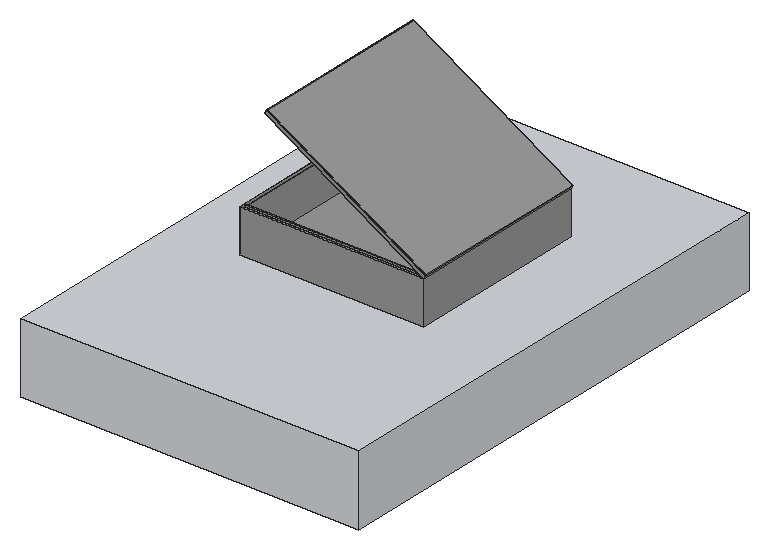
Revit family "Hager-Univers-IP54-D205-H800-Cl.I-Encl-CH-de", category Equipement électrique, Revit 2020
Family settings
  Hôte = Face
  Configuration du panneau = Deux colonnes, circuits au sein
  Cote de connecteur circulaire = Utiliser le diamètre
  Type d'élément = Tableau de raccordement
  Couper avec des vides une fois chargée = Non
  Partagée = Non
  Point de calcul de pièce = Non
Parameters (values of type "Aufputz IP54 B800 H800 T205  - FP53TW2")
  Width Control [instance] = if([EF000008 - Breite] > Min Width, [EF000008 - Breite], Min Width)  # 800 mm
  Commentaires du type = [HG000003 - Bereich]  # "Univers"
  Thickness Door [instance] = if([EF009171 - Materialstärke Tür/Deckel] > 3 mm, 3 mm, [EF009171 - Materialstärke Tür/Deckel])  # 1 mm
  Seal Frame Offset [instance] = 17 mm  # constant formula
  Plinth Visibility [instance] = [HG000027 - Sockelhöhe] > 0 mm  # no
  Model = ""
  Min Width [instance] = 100 mm  # constant formula
  Min Height [instance] = 100 mm  # constant formula
  Min Depth [instance] = (2 * [EF009170 - Materialstärke Gehäuse]) + 1 mm  # 3 mm
  Internal Frame Depth [instance] = (Door System Depth * 0.5)  # 9 mm
  Height Control [instance] = if([EF000040 - Höhe] > Min Height, [EF000040 - Höhe], Min Height)  # 800 mm
  HG000027 - Sockelhöhe = 0 mm
  HG000026 - Stehend auf dem Boden = no
  HG000024 - Höhe des unteren Teils = 800 mm
  HG000023 - Gehäuse mit doppeltem Querschnitt = no
  HG000016 - 3D-Türsichtbarkeit [instance] = yes
  HG000015 - Sichtbarkeit der Türöffnung [instance] = no
  HG000014 - Tür rechts [instance] = yes
  HG000013 - Tür links [instance] = not([HG000014 - Tür rechts])  # no
  HG000012 - Türschwenkwinkel [instance] = 30.00°
  HG000010 - Asymmetrische Türen = no
  HG000009 - Doppelflügeligen Tür = no
  HG000006 - Unterputz = no
  HG000004 - Herstellerreferenz = "FP53TW2"
  HG000003 - Bereich = "Univers"
  HG000002 - Mit tür = yes
  Frame Offset Bottom [instance] = 10 mm  # constant formula
  Frame Offset [instance] = 15 mm  # constant formula
  EF015940 - Deckel mit Überdruckentlastung = no
  EF011959 - Schutzart (NEMA) = ""
  EF009554 - Anzahl der Öffnungen für Flanschplatten = 6
  Fabricant = "Hager"  # constant formula
  EF009212 - Ausführung Deckel = "EV000116 - geschlossen"
  EF009171 - Materialstärke Tür/Deckel = 1 mm
  EF009170 - Materialstärke Gehäuse = 1 mm
  EF008873 - Nennstrom (In) = 250 A
  EF007800 - Geeignet für Blitzschutz = no
  EF006306 - Mit Schloss = no
  EF006244 - Transparenter Deckel/Tür = no
  EF005474 - Schutzart (IP) = "EV006419 - IP54"
  EF004464 - Art der Tür = "EV002646 - Einzel"
  EF004427 - Anzahl der Module = 180
  EF004293 - Schlagfestigkeit = "EV006815 - IK09"
  EF003532 - Geeignet für Außengebrauch = no
  EF002950 - Breite in Teilungseinheiten = 36
  EF001613 - Funktionserhalt = "EV000494 - ohne"
  EF001596 - Werkstoff des Gehäuses = "EV000179 - Stahl"
  EF001131 - Innentiefe = 205 mm
  EF001088 - Anbaumöglichkeit = yes
  EF000437 - Anzahl der Leitungseinführungen = 6
  EF000339 - Art der Abdeckung = "EV001012 - Deckel"
  EF000266 - Anzahl der Reihen = 5
  EF000218 - Einbautiefe = 205 mm
  EF000118 - Mit Montageplatte = no
  EF000116 - RAL-Nummer = "9010"
  EF000049 - Tiefe = 205 mm
  EF000040 - Höhe = 800 mm
  EF000008 - Breite = 800 mm
  EF000007 - Farbe = "EV000202 - weiß"
  EF000003 - Montageart = "EV000384 - Aufputz"
  Door System Leaf Tolerance [instance] = 1.5 mm  # constant formula
  Door System Depth [instance] = 18 mm  # constant formula
  Door Height [instance] = Height Control - [HG000027 - Sockelhöhe]  # 800 mm
  Depth Control [instance] = if([EF000049 - Tiefe] > Min Depth, [EF000049 - Tiefe], Min Depth)  # 205 mm
  Default Elevation = 0 mm
  Connector Offset [instance] = Height Control / 2  # 400 mm
  Bottom Top Plate Trim [instance] = 1.5 mm  # constant formula
  Plinth height Ctrl [instance] = if([HG000027 - Sockelhöhe] > 0 mm, [HG000027 - Sockelhöhe], 12 mm)  # 12 mm
Types (5, lengths in mm): name | Width Control | HG000004 - Herstellerreferenz | EF009554 - Anzahl der Öffnungen für Flanschplatten | EF004464 - Art der Tür | EF004427 - Anzahl der Module | EF002950 - Breite in Teilungseinheiten | EF000437 - Anzahl der Leitungseinführungen | EF000008 - Breite
  Aufputz IP54 B1050 H800 T205  - FP54TW2 | 1050 | "FP54TW2" | 8 | "EV003602 - Doppel" | 240 | 48 | 8 | 1050
  Aufputz IP54 B1300 H800 T205  - FP55TW2 | 1300 | "FP55TW2" | 10 | "EV003602 - Doppel" | 300 | 60 | 10 | 1300
  Aufputz IP54 B300 H800 T205  - FP51TW2 | 300 | "FP51TW2" | 2 | "EV002646 - Einzel" | 60 | 12 | 2 | 300
  Aufputz IP54 B550 H800 T205  - FP52TW2 | 550 | "FP52TW2" | 4 | "EV002646 - Einzel" | 120 | 24 | 4 | 550
  Aufputz IP54 B800 H800 T205  - FP53TW2 | 800 | "FP53TW2" | 6 | "EV002646 - Einzel" | 180 | 36 | 6 | 800
Reference planes
  plane 1 "Center (Front/Back)": y = 0
  plane 2: z = 0
  plane 3 "Center (Left/Right)": x = 0
  plane 4: z = 205
  plane 5: y = 1
  plane 6: y = 400
  plane 7: y = 0
  plane 8: y = 800
  plane 9: z = 0
  plane 10: x = -385
  plane 11: x = 385
  plane 12: x = 384
  plane 13: x = -384
  plane 14: y = 799
  plane 15: x = -383
  plane 16: x = -400
  plane 17: x = 383
  plane 18: x = 400
  plane 19: x = 399
  plane 20: x = -399
  plane 21: y = 11
  plane 22: y = 800
  plane 23: y = 784
  plane 24: z = 187
  plane 25: z = 1
  plane 26: z = 186
  plane 27: z = 204
Forms (mm)
  Extrusion 1, solid
    sketch origin (0, 0, 0) x (1, 0, 0) y (0, 1, 0)
      loop
        line (-702.964, 1305) -> (-702.964, -811.445) -> (766.763, -811.445) -> (766.763, 1305) -> (-702.964, 1305)
    from 0 to -304.8
  Extrusion 2, solid, material "Hager_Steel_RAL7035_Light_Grey", visible <- "Plinth Visibility", detail levels medium+fine
    sketch origin (0, 0, 0) x (1, 0, 0) y (0, 1, 0)
      loop
        line (-400, 0) -> (400, 0) -> (400, 12) -> (-400, 12) -> (-400, 0)
    from 0 to 187
  Extrusion 3, solid, material "Hager_Steel_RAL7035_Light_Grey", detail levels medium+fine
    sketch origin (0, 0, 0) x (1, 0, 0) y (0, 1, 0)
      loop
        line (-400, 0) -> (400, 0) -> (400, 800) -> (-400, 800) -> (-400, 0)
    from 0 to 187
  Extrusion 4, void
    sketch origin (0, 0, 0) x (1, 0, 0) y (0, 1, 0)
      loop
        line (-399, 1) -> (399, 1) -> (399, 799) -> (-399, 799) -> (-399, 1)
    from 1 to 186
  Extrusion 5, void
    sketch origin (-381.607, -4572, 187) x (0, -1, 0) y (-1, 0, 0)
      loop
        line (-4583, 2.393) -> (-5356, 2.393) -> (-5356, -765.607) -> (-4583, -765.607) -> (-4583, 2.393)
    from 0 to 1 <- "EF009170 - Materialstärke Gehäuse"
  Extrusion 6, solid, material "Hager_Steel_RAL7035_Light_Grey", detail levels fine
    sketch origin (0, 0, 187) x (1, 0, 0) y (0, 1, 0)
      loop
        line (-384, 784) -> (-384, 11) -> (384, 11) -> (384, 784) -> (-384, 784)
      loop
        line (-385, 10) -> (385, 10) -> (385, 785) -> (-385, 785) -> (-385, 10)
    from 0 to 9 <- "Internal Frame Depth"
  Extrusion 7, solid, material "Hager_Steel_RAL7035_Light_Grey", detail levels coarse
    sketch origin (0, 0, 0) x (1, 0, 0) y (0, 1, 0)
      loop
        line (-400, 0) -> (400, 0) -> (400, 800) -> (-400, 800) -> (-400, 0)
    from 0 to 205
  Sweep 8, void
    path in 3D
      loop
        line (-400, 12, 0) -> (400, 12, 0) -> (400, 12, 187) -> (-400, 12, 187) -> (-400, 12, 0)
    profile origin (-400, 12, 93.5) x (-1, 0, 0) y (0, -1, 0)
      loop
        line (0, 0) -> (0, 1.5) -> (-1.5, 1.5)
        arc (-1.5, 1.5) -> (-1.061, 0.439) -> (0, 0) r 1.5
Cuts and joins
  Extrusion 4, Extrusion 5 cuts Extrusion 3
  Sweep 8 cuts Extrusion 2
Lines and regions (mm)
  Masking region 1
    outline origin (0, 0, 0) x (1, 0, 0) y (0, 0, 1)
      loop
        line (-400, 205) -> (-400, 0) -> (400, 0) -> (400, 205) -> (-400, 205)
  Masking region 2, detail levels medium+fine
    outline origin (0, 140, 0) x (0, 1, 0) y (0, 0, 1)
      loop
        line (-140, 0) -> (660, 0) -> (660, 187) -> (-140, 187) -> (-140, 0)
  Masking region 3, not visible, detail levels medium+fine
    outline origin (0, 297.922, 0) x (0, 1, 0) y (0, 0, 1)
      loop
        line (113.578, 0) -> (153.578, 0) -> (153.578, 194)
        arc (153.578, 194) -> (150.649, 201.071) -> (143.578, 204) r 10
        line (143.578, 204) -> (113.578, 204) -> (113.578, 0)
  Masking region 4, detail levels coarse
    outline origin (0, 0, 180) x (0, 1, 0) y (0, 0, 1)
      loop
        line (0, -180) -> (800, -180) -> (800, 25) -> (0, 25) -> (0, -180)
  Masking region 5, visible <- "Plinth Visibility", detail levels medium+fine
    outline origin (0, 52.24, 12.345) x (0, 0, -1) y (0, 1, 0)
      loop
        line (10.845, -40.24) -> (-173.155, -40.24)
        arc (-173.155, -40.24) -> (-173.594, -41.301) -> (-174.655, -41.74) r 1.5
        line (-174.655, -41.74) -> (-174.655, -52.24) -> (12.345, -52.24) -> (12.345, -41.74)
        arc (12.345, -41.74) -> (11.285, -41.301) -> (10.845, -40.24) r 1.5
  Masking region 6, detail levels medium+fine
    outline origin (-381.607, -4572, 187) x (-1, 0, 0) y (0, -1, 0)
      loop
        line (18.393, -5372) -> (18.393, -4572) -> (-781.607, -4572) -> (-781.607, -5372) -> (18.393, -5372)
  Masking region 7, visible <- "Plinth Visibility", detail levels medium+fine
    outline origin (-381.607, -4727, 187) x (-1, 0, 0) y (0, -1, 0)
      loop
        arc (16.893, -4739) -> (17.332, -4737.939) -> (18.393, -4737.5) r 1.5
        line (18.393, -4737.5) -> (18.393, -4727) -> (-781.607, -4727) -> (-781.607, -4737.5)
        arc (-781.607, -4737.5) -> (-780.546, -4737.939) -> (-780.107, -4739) r 1.5
        line (-780.107, -4739) -> (16.893, -4739)
  Masking region 8, detail levels coarse
    outline origin (-442.548, -4669.526, 187) x (-1, 0, 0) y (0, -1, 0)
      loop
        line (-42.548, -5469.526) -> (-42.548, -4669.526) -> (-842.548, -4669.526) -> (-842.548, -5469.526) -> (-42.548, -5469.526)
  sketch lines
    curve 1: line (-400, 12, 187) -> (-400, 12, 0)
    curve 2: line (400, 12, 187) -> (-400, 12, 187)
    curve 3: line (400, 12, 187) -> (400, 12, 0)
    curve 4: line (-400, 12, 0) -> (400, 12, 0)
Dimensions and locks
  "Depth Control": plane 4 to Extrusion 1
  "HG000027 - Sockelhöhe": plane 1 "Center (Front/Back)" to plane 7
  "EF009170 - Materialstärke Gehäuse": plane 5 to plane 7
  locked: connector elem to plane 3 "Center (Left/Right)"
  equal spacing: plane 8, plane 6, plane 7
  locked: connector elem to plane 6
  "EF009170 - Materialstärke Gehäuse": plane 8 to plane 14
  "EF009170 - Materialstärke Gehäuse": plane 10 to plane 13
  "EF009170 - Materialstärke Gehäuse": plane 12 to plane 11
  "Frame Offset": plane 20 to plane 13
  "Frame Offset": plane 12 to plane 19
  "EF009170 - Materialstärke Gehäuse": plane 16 to plane 20
  "EF009170 - Materialstärke Gehäuse": plane 19 to plane 18
  "Seal Frame Offset": plane 16 to plane 15
  "Seal Frame Offset": plane 17 to plane 18
  "Frame Offset Bottom": plane 21 to plane 5
  "Frame Offset": plane 14 to plane 23
  equal spacing: plane 16, plane 3 "Center (Left/Right)", plane 18
  "Width Control": plane 16 to plane 18
  "EF009170 - Materialstärke Gehäuse": plane 4 to plane 27
  "EF009170 - Materialstärke Gehäuse": plane 24 to plane 26
  "EF009170 - Materialstärke Gehäuse": plane 25 to level
  "Door System Depth": plane 4 to plane 24
  "Height Control": plane 1 "Center (Front/Back)" to Extrusion 7 sketch curve
  "Height Control": Masking region 4 sketch curve to plane 1 "Center (Front/Back)"
  "Height Control": plane 1 "Center (Front/Back)" to plane 22
  "Bottom Top Plate Trim": profile plane to Sweep 8 sketch curve
  "Bottom Top Plate Trim": Sweep 8 sketch curve to profile plane
  "Plinth height Ctrl": plane 1 "Center (Front/Back)" to Extrusion 2 sketch curve
  "Plinth height Ctrl": Masking region 5 sketch curve to plane 1 "Center (Front/Back)"
  "Plinth height Ctrl": plane 1 "Center (Front/Back)" to Masking region 7 sketch curve
  "Thickness Door": Extrusion 6 sketch curve to Extrusion 6 sketch curve  (x3)
  "Thickness Door": cut or joined group of Extrusion 3, Extrusion 4, Extrusion 5 to Extrusion 6 sketch curve
  radius of Masking region 3 sketch curve = 10 mm
  "Bottom Top Plate Trim": radius of Masking region 5 sketch curve  (x2)
  "Bottom Top Plate Trim": radius of Sweep 8 sketch curve
  "Bottom Top Plate Trim": radius of Masking region 7 sketch curve  (x2)
  aligned and locked: plane 2 to Extrusion 1
  aligned and locked: level to Extrusion 1
  aligned and locked: level to Masking region 1 sketch curve
  aligned and locked: Masking region 1 sketch curve to plane 18
  aligned and locked: Masking region 1 sketch curve to plane 16
  aligned and locked: plane 7 to Masking region 2 sketch curve
  aligned and locked: level to Masking region 3 sketch curve
  aligned and locked: Masking region 3 sketch curve to plane 27
  aligned and locked: level to Masking region 2 sketch curve
  aligned and locked: plane 1 "Center (Front/Back)" to Extrusion 2 sketch curve
  aligned and locked: Extrusion 3 sketch curve to plane 7
  aligned and locked: plane 16 to Extrusion 3 sketch curve
  aligned and locked: plane 18 to Extrusion 3 sketch curve
  aligned and locked: plane 20 to Extrusion 4 sketch curve
  aligned and locked: plane 19 to Extrusion 4 sketch curve
  aligned and locked: Extrusion 4 sketch curve to plane 5
  aligned and locked: Extrusion 4 to plane 25
  aligned and locked: plane 26 to Extrusion 4
  aligned and locked: plane 24 to Extrusion 3
  aligned and locked: Extrusion 5 sketch curve to plane 21
  aligned and locked: Extrusion 5 sketch curve to plane 13
  aligned and locked: Extrusion 5 sketch curve to plane 12
  aligned and locked: plane 18 to Extrusion 7 sketch curve
  aligned and locked: plane 1 "Center (Front/Back)" to Extrusion 7 sketch curve
  aligned and locked: plane 16 to Extrusion 7 sketch curve
  aligned and locked: plane 4 to Extrusion 7
  aligned and locked: Extrusion 7 to level
  aligned and locked: level to Masking region 4 sketch curve
  aligned and locked: Masking region 4 sketch curve to plane 1 "Center (Front/Back)"
  aligned and locked: Masking region 4 sketch curve to plane 4
  aligned and locked: nested 1 to level
  aligned and locked: nested 1 to plane 16
  aligned and locked: plane 8 to Extrusion 3 sketch curve
  aligned and locked: plane 23 to Extrusion 5 sketch curve
  aligned and locked: plane 14 to Extrusion 4 sketch curve
  aligned and locked: Masking region 2 sketch curve to plane 8
  aligned and locked: level to Masking region 5 sketch curve
  aligned and locked: plane 16 to Extrusion 2 sketch curve
  aligned and locked: plane 18 to Extrusion 2 sketch curve
  aligned and locked: Masking region 5 sketch curve to plane 24
  aligned and locked: Masking region 2 sketch curve to plane 24
  aligned and locked: plane 24 to Extrusion 2
  aligned and locked: profile plane to Sweep 8 sketch curve  (x2)
  aligned and locked: Masking region 6 sketch curve to plane 18
  aligned and locked: Masking region 6 sketch curve to plane 22
  aligned and locked: Masking region 6 sketch curve to plane 16
  aligned and locked: plane 8 to plane 22
  aligned and locked: Masking region 6 sketch curve to plane 7
  aligned and locked: Masking region 7 sketch curve to plane 16
  aligned and locked: Masking region 7 sketch curve to plane 1 "Center (Front/Back)"
  aligned and locked: Masking region 7 sketch curve to plane 18
  aligned and locked: Masking region 8 sketch curve to plane 1 "Center (Front/Back)"
  aligned and locked: Masking region 8 sketch curve to plane 18
  aligned and locked: Masking region 8 sketch curve to plane 22
  aligned and locked: Masking region 8 sketch curve to plane 16
  aligned and locked: nested 2 to plane 7
  aligned and locked: plane 3 "Center (Left/Right)" to nested 2
  aligned and locked: nested 2 to plane 24
  aligned and locked: Extrusion 6 sketch curve to cut or joined group of Extrusion 3, Extrusion 4, Extrusion 5  (x4)
Automatic sketch dimensions
  Extrusion 1 sketch curve to Extrusion 1 sketch curve = 1469.727 mm
  Extrusion 1 sketch curve to Extrusion 1 sketch curve = 2116.445 mm
  Masking region 1 sketch curve to plane 4 = 0 mm
  plane 6 to Masking region 3 sketch curve = 11.5 mm
  Masking region 3 sketch curve to Masking region 3 sketch curve = 30 mm
  Masking region 5 sketch curve to plane 1 "Center (Front/Back)" = 0 mm
Nested families
  nested 1: "Hager_Enclosure_Symbol" at (-400, 0, 0) x (1, 0, 0) z (0, -1, 0), Height <- "Depth Control", Width <- "Width Control", type "Hager_Enclosure_Symbol"
    with Width_Ctrl 800 mm, Width 800 mm, Height_Ctrl 205 mm, Height 205 mm, A_Width_Int 13.453 mm, A_Width 161.438 mm, A_Height_Ctrl 179.375 mm, A_Height 179.375 mm
  nested 2: "EC000058_Univers_Door" at (0, 0, 187) x (1, 0, 0) z (0, 1, 0), Leaf_Tolerance <- "Door System Leaf Tolerance", Angle <- "HG000012 - Türschwenkwinkel", Door_Depth <- "Door System Depth", Door_Left <- "HG000013 - Tür links", Transparent <- "EF006244 - Transparenter Deckel/Tür", Assymetrical <- "HG000010 - Asymmetrische Türen", Width <- "Width Control", Clearance <- "HG000015 - Sichtbarkeit der Türöffnung", Double <- "HG000009 - Doppelflügeligen Tür", 3d_Door <- "HG000016 - 3D-Türsichtbarkeit", Lock_Visibility <- "EF006306 - Mit Schloss", Width_Ctrl <- "Width Control", Door_Right <- "HG000014 - Tür rechts", Door <- "HG000002 - Mit tür", Height <- "Door Height", Thickness <- "Thickness Door", type "EC000058_Univers_Door", detail levels medium+fine
    with min_wh 3 mm, Width_Ctrl 800 mm, Width 800 mm, Transparent no, Thickness 1 mm, Seal_Material Hager_Rubber, Lock_Visibility no, Lock_Material Hager_Plastic_RAL9005_Jet_Black, Leaf_Width 800 mm, Leaf_Tolerance_External_Sides 0 mm, Leaf_Tolerance 1.5 mm, Leaf_Offset 0 mm, Leaf_Height 797 mm, Leaf_2_Width 800 mm, Leaf_2_Offset 400 mm, Leaf_1_Width 800 mm, Leaf_1_Offset 400 mm, Height_Ctrl 800 mm, Height 800 mm, Glass_Material Hager_Glass, Double_Clearance_Ctrl no, Double no, Door_Right_Ctrl yes, Door_Right yes, Door_Material Hager_Steel_RAL7035_Light_Grey, Door_Left_Ctrl no, Door_Left no, Door_Depth 18 mm, Door yes, Clearance_Material Hager_Clearance, Clearance_Depth 800 mm, Clearance_Ctrl no, Clearance no, Assymetrical no, Angle 30.00°, 3d_Door yes
Connectors
  electrical at (0, 400, 0)
    settings: on plane 9, index 1, voltage 0 V, apparent load 0 VA, apparent load phase1 0 VA, apparent load phase2 0 VA, apparent load phase3 0 VA, power factor 1, load classification "Other", number of poles 1, system type 30, power factor state 1, is connector primary yes, connector utility no, sub classification motor no, connector description ""
Definition of nested family "EC000058_Univers_Door"
  Parameters (values of type "EC000058_Univers_Door")
    min_wh [instance] = (2 * Thickness) + 1 mm  # 11 mm
    Width_Ctrl [instance] = 400 mm
    Width [instance] = 500 mm
    Transparent [instance] = yes
    Thickness [instance] = 5 mm
    Seal_Material [instance] = none
    Lock_Visibility [instance] = yes
    Lock_Material [instance] = none
    Leaf_Width [instance] = if((Width_Ctrl - 2 * Leaf_Tolerance_External_Sides) > 0 mm, (Width_Ctrl - 2 * Leaf_Tolerance_External_Sides), min_wh)  # 400 mm
    Leaf_Tolerance_External_Sides [instance] = 0 mm  # constant formula
    Leaf_Tolerance [instance] = 1.5 mm
    Leaf_Offset [instance] = 0 mm  # constant formula
    Leaf_Height [instance] = if((Height_Ctrl - 2 * Leaf_Tolerance) > 0 mm, (Height_Ctrl - 2 * Leaf_Tolerance), min_wh)  # 497 mm
    Leaf_2_Width [instance] = if(and(and(Double, Assymetrical), Door_Left), (Leaf_Width / 3) - (Leaf_Tolerance / 2), if(and(and(Double, Assymetrical), Door_Right), (Leaf_Width / 3) * 2 - (Leaf_Tolerance / 2), if(and(Double, not(Assymetrical)), (Leaf_Width / 2) - Leaf_Tolerance, Leaf_Width)))  # 400 mm
    Leaf_2_Offset [instance] = if(and(Double, Assymetrical), Leaf_2_Width / 2, if(and(Double, not(Assymetrical)), Leaf_Width / 4, Leaf_Width / 2))  # 200 mm
    Leaf_1_Width [instance] = if(and(and(Double, Assymetrical), Door_Right), (Leaf_Width / 3) - (Leaf_Tolerance / 2), if(and(and(Double, Assymetrical), Door_Left), (Width / 3) * 2 - (Leaf_Tolerance / 2), if(and(Double, not(Assymetrical)), (Leaf_Width / 2) - Leaf_Tolerance, Leaf_Width)))  # 400 mm
    Leaf_1_Offset [instance] = if(and(Double, Assymetrical), Leaf_1_Width / 2, if(and(Double, not(Assymetrical)), Leaf_Width / 4, Leaf_Width / 2))  # 200 mm
    Height_Ctrl [instance] = if(Height > min_wh, Height, min_wh)  # 500 mm
    Height [instance] = 500 mm
    Glass_Material [instance] = none
    Double_Clearance_Ctrl [instance] = and(Double, Clearance)  # no
    Double [instance] = no
    Door_Right_Ctrl [instance] = and(or(Door_Right, Double), Door)  # yes
    Door_Right [instance] = yes
    Door_Material [instance] = none
    Door_Left_Ctrl [instance] = and(or(Door_Left, Double), Door)  # no
    Door_Left [instance] = no
    Door_Depth [instance] = 30 mm
    Door [instance] = yes
    Default Elevation = 1219.2 mm
    Clearance_Material [instance] = none
    Clearance_Depth [instance] = if(Leaf_1_Width > Leaf_2_Width, Leaf_1_Width, Leaf_2_Width)  # 400 mm
    Clearance_Ctrl [instance] = and(not(Double), Clearance)  # yes
    Clearance [instance] = yes
    Assymetrical [instance] = yes
    Angle [instance] = 30.00°
    3d_Door [instance] = yes
  Reference planes
    plane 1 "Center (Front/Back)": y = 0
    plane 2 "Bottom": z = 0
    plane 3 "Center (Left/Right)": x = 0
    plane 4: z = 500
    plane 5: x = -200
    plane 6: x = 200
    plane 7: z = 500
    plane 8: x = -200
    plane 9: z = 0
    plane 10: x = 200
    plane 11: y = 0
    plane 12: z = 1.5
    plane 13: x = -600
    plane 14: y = -400
    plane 15: x = 600
    plane 16: x = 0
    plane 17: x = 0
    plane 18: x = -200
    plane 19: x = 200
    plane 20: z = 498.5
  Forms (mm)
    Extrusion 1, solid, material <- "Clearance_Material", visible <- "Double_Clearance_Ctrl"
      sketch origin (1200, 0, 0) x (1, 0, 0) y (0, 0, -1)
        loop
          line (-1800, -498.5) -> (-600, -498.5) -> (-600, 0) -> (-1800, 0) -> (-1800, -498.5)
      from 0 to -400
  Dimensions and locks
    equal spacing: plane 5, plane 3 "Center (Left/Right)", plane 6
    "Width_Ctrl": plane 5 to plane 6
    "Leaf_Offset": plane 5 to plane 8
    "Leaf_Offset": plane 6 to plane 10
    "Leaf_Offset": plane 9 to level
    "Leaf_Offset": plane 4 to plane 7
    "Height_Ctrl": plane 4 to level
    "Leaf_Tolerance": plane 12 to plane 9
    locked: plane 11 to plane 1 "Center (Front/Back)"
    "Leaf_1_Offset": plane 18 to plane 16
    "Leaf_2_Offset": plane 17 to plane 19
    "Leaf_1_Width": plane 13 to plane 8
    "Leaf_2_Width": plane 10 to plane 15
    "Clearance_Depth": plane 14 to plane 1 "Center (Front/Back)"
    "Leaf_Tolerance_External_Sides": plane 8 to plane 18
    "Leaf_Tolerance_External_Sides": plane 19 to plane 10
    "Leaf_Tolerance": plane 7 to plane 20
    aligned and locked: level to plane 2 "Bottom"
    aligned and locked: nested 1 to plane 16
    aligned and locked: nested 2 to plane 17
    aligned and locked: Extrusion 1 to plane 13
    aligned and locked: plane 15 to Extrusion 1
    aligned and locked: Extrusion 1 to plane 14
    aligned and locked: plane 12 to nested 1
    aligned and locked: nested 2 to plane 12
    aligned and locked: Extrusion 1 to plane 11
    aligned and locked: plane 20 to Extrusion 1
    aligned and locked: nested 2 to plane 11
    aligned and locked: nested 1 to plane 11
  Automatic sketch dimensions
    Extrusion 1 sketch curve to level = 0 mm
    plane 5 to Extrusion 1 sketch curve = 400 mm
    plane 6 to Extrusion 1 sketch curve = 400 mm
    Extrusion 1 sketch curve to plane 4 = 1.5 mm
  Nested families
    nested 1: "EC000058_Univers_Door_Leaf" at (0, 0, 1.5), Width <- "Leaf_1_Width", visible <- "Door_Left_Ctrl", Leaf_Height <- "Leaf_Height", Angle <- "Angle", 3d_Door <- "3d_Door", Transparent <- "Transparent", Clearance Material <- "Clearance_Material", Clearance <- "Clearance_Ctrl", Door_Material <- "Door_Material", Glass_Material <- "Glass_Material", Door_Depth <- "Door_Depth", Lock_Material <- "Lock_Material", Seal_Material <- "Seal_Material", Lock_Visibility <- "Lock_Visibility", Thickness <- "Thickness", type "EC000058_Univers_Door_Leaf"
      with Width 400 mm, Transparent_Glass_Offset 30 mm, Transparent_Ctrl yes, Transparent yes, Thickness 5 mm, Standard no, Seal_Material none, Seal_D2 8 mm, Seal_D1 1 mm, Offset_Internal_Frame 10 mm, Lock_Width 20 mm, Lock_Visibility_3d yes, Lock_Visibility yes, Lock_Thickness_3 3 mm, Lock_Thickness_2 1 mm, Lock_Thickness_1 3 mm, Lock_Radius_Offset_2 16 mm, Lock_Radius_Offset_1 15 mm, Lock_Radius_2 5 mm, Lock_Radius 6 mm, Lock_Offset 5 mm, Lock_Material none, Lock_Height 80 mm, Lock_Cover_Top_Offset_2d 17 mm, Lock_Cover_Height -65 mm, Leaf_Height 497 mm, Internal_Seal_Thickness 8 mm, Internal_Seal_Depth_2 4.5 mm, Internal_Frame_Depth 25 mm, Glass_Thickness -1 mm, Glass_Offset -2 mm, Glass_Material none, Door_Material none, Door_Depth 30 mm, Clearance Material none, Clearance yes, Angle_Ctrl 30.00°, Angle 30.00°, 3d_Door yes
    nested 2: "EC000058_Univers_Door_Leaf" at (0, 0, 1.5) x (-1, 0, 0) z (0, 0, 1), Width <- "Leaf_2_Width", visible <- "Door_Right_Ctrl", Leaf_Height <- "Leaf_Height", Angle <- "Angle", 3d_Door <- "3d_Door", Transparent <- "Transparent", Clearance Material <- "Clearance_Material", Clearance <- "Clearance_Ctrl", Door_Material <- "Door_Material", Glass_Material <- "Glass_Material", Door_Depth <- "Door_Depth", Lock_Material <- "Lock_Material", Seal_Material <- "Seal_Material", Lock_Visibility <- "Lock_Visibility", Thickness <- "Thickness", type "EC000058_Univers_Door_Leaf"
      with Width 400 mm, Transparent_Glass_Offset 30 mm, Transparent_Ctrl yes, Transparent yes, Thickness 5 mm, Standard no, Seal_Material none, Seal_D2 8 mm, Seal_D1 1 mm, Offset_Internal_Frame 10 mm, Lock_Width 20 mm, Lock_Visibility_3d yes, Lock_Visibility yes, Lock_Thickness_3 3 mm, Lock_Thickness_2 1 mm, Lock_Thickness_1 3 mm, Lock_Radius_Offset_2 16 mm, Lock_Radius_Offset_1 15 mm, Lock_Radius_2 5 mm, Lock_Radius 6 mm, Lock_Offset 5 mm, Lock_Material none, Lock_Height 80 mm, Lock_Cover_Top_Offset_2d 17 mm, Lock_Cover_Height -65 mm, Leaf_Height 497 mm, Internal_Seal_Thickness 8 mm, Internal_Seal_Depth_2 4.5 mm, Internal_Frame_Depth 25 mm, Glass_Thickness -1 mm, Glass_Offset -2 mm, Glass_Material none, Door_Material none, Door_Depth 30 mm, Clearance Material none, Clearance yes, Angle_Ctrl 30.00°, Angle 30.00°, 3d_Door yes
  Definition of nested family "EC000058_Univers_Door_Leaf"
    Parameters (values of type "EC000058_Univers_Door_Leaf")
      Width [instance] = 2000 mm
      Transparent_Glass_Offset [instance] = 30 mm
      Transparent_Ctrl [instance] = and(Transparent, [3d_Door])  # yes
      Transparent [instance] = yes
      Thickness [instance] = 5 mm
      Standard [instance] = and(not(Transparent), [3d_Door])  # no
      Seal_Material [instance] = none
      Seal_D2 [instance] = 8 mm  # constant formula
      Seal_D1 [instance] = 1 mm  # constant formula
      Offset_Internal_Frame [instance] = 10 mm  # constant formula
      Lock_Width [instance] = 20 mm  # constant formula
      Lock_Visibility_3d [instance] = and(Lock_Visibility, [3d_Door])  # yes
      Lock_Visibility [instance] = yes
      Lock_Thickness_3 [instance] = 3 mm  # constant formula
      Lock_Thickness_2 [instance] = 1 mm  # constant formula
      Lock_Thickness_1 [instance] = 3 mm  # constant formula
      Lock_Radius_Offset_2 [instance] = Lock_Radius_Offset_1 + 1 mm  # 16 mm
      Lock_Radius_Offset_1 [instance] = 15 mm  # constant formula
      Lock_Radius_2 [instance] = Lock_Radius - 1 mm  # 5 mm
      Lock_Radius [instance] = 6 mm  # constant formula
      Lock_Offset [instance] = 5 mm  # constant formula
      Lock_Material [instance] = none
      Lock_Height [instance] = 80 mm  # constant formula
      Lock_Cover_Top_Offset_2d [instance] = Lock_Radius_Offset_2 + 1 mm  # 17 mm
      Lock_Cover_Height [instance] = -(Lock_Height - Lock_Radius_Offset_1)  # -65 mm
      Leaf_Height [instance] = 2720.336 mm
      Internal_Seal_Thickness [instance] = 8 mm  # constant formula
      Internal_Seal_Depth_2 [instance] = 4.5 mm  # constant formula
      Internal_Frame_Depth [instance] = if(Door_Depth - Thickness > 5 mm, Door_Depth - Thickness, 5 mm)  # 25 mm
      Glass_Thickness [instance] = if(Thickness > 15 mm, Glass_Offset + 10 mm, -1 mm)  # -1 mm
      Glass_Offset [instance] = if(Thickness > 15 mm, -(Thickness + 10 mm) / 2, -2 mm)  # -2 mm
      Glass_Material [instance] = none
      Door_Material [instance] = none
      Door_Depth [instance] = 30 mm
      Default Elevation = 0 mm
      Clearance Material [instance] = none
      Clearance [instance] = yes
      Angle_Ctrl [instance] = if(Angle > 180.00°, 180.00°, Angle)  # 90.00°
      Angle [instance] = 90.00°
      3d_Door [instance] = yes
    Reference planes
      plane 1 "Center (Front/Back)": y = 0
      plane 2: z = 0
      plane 3 "Center (Left/Right)": x = 0
      plane 4: y = 2000
      plane 5: x = -1000
      plane 6: x = 1000
      plane 7: x = -3000
      plane 8: z = 2720.336
      plane 9: z = 30
      plane 10: z = 2690.336
      plane 11: x = 970
      plane 12: x = -970
      plane 13: y = -3
      plane 14: z = 107.833
      plane 15: y = -5
      plane 16: y = -223.314
      plane 17: x = -1000
      plane 18: z = 1360.168
      plane 19: y = 30
    Forms (mm)
      Extrusion 1, solid, material <- "Clearance Material", visible <- "Clearance"
        sketch origin (0, 0, 0) x (1, 0, 0) y (0, 0, 1)
          loop
            line (-3000, 2720.336) -> (-3000, 0) -> (1000, 0) -> (1000, 2720.336) -> (-3000, 2720.336)
        from 0 to -2000
      Extrusion 2, solid, material <- "Door_Material", visible <- "Standard", detail levels medium+fine
        sketch origin (-1000, 0, 0) x (0, 1, 0) y (-1, 0, 0)
          loop
            line (0, 30) -> (0, 25) -> (2000, 25) -> (2000, 30) -> (0, 30)
        from 0 to 2720.336 <- "Leaf_Height"
      Extrusion 3, solid, material <- "Door_Material", visible <- "Transparent_Ctrl", detail levels medium+fine
        sketch origin (-1000, 0, 0) x (0, 1, 0) y (-1, 0, 0)
          loop
            line (0, 25) -> (2000, 25) -> (2000, 30) -> (0, 30) -> (0, 25)
        from 0 to 2720.336 <- "Leaf_Height"
      Extrusion 4, void
        sketch origin (-1025, 2000, 0) x (0, 1, 0) y (0, 0, -1)
          loop
            line (-30, -2690.336) -> (-30, -30) -> (-1970, -30) -> (-1970, -2690.336) -> (-30, -2690.336)
        from 0 to 5 <- "Thickness"
      Sweep 5, solid, material <- "Seal_Material", visible <- "Transparent_Ctrl", detail levels fine
        path in 3D
          loop
            line (-1025, 30, 30) -> (-1025, 30, 2690.336) -> (-1025, 1970, 2690.336) -> (-1025, 1970, 30) -> (-1025, 30, 30)
        profile origin (-1025, 1000, 30) x (1, 0, 0) y (0, 0, 1)
          loop
            line (0, 0) -> (0, -8) -> (1, -8) -> (1, 0) -> (0, 0)
      Extrusion 6, solid, material <- "Glass_Material", visible <- "Transparent_Ctrl", detail levels medium+fine
        sketch origin (-1030, 0, 0) x (0, 1, 0) y (0, 0, -1)
          loop
            line (1970, -2690.336) -> (1970, -30) -> (30, -30) -> (30, -2690.336) -> (1970, -2690.336)
        from -2 <- "Glass_Offset" to -1 <- "Glass_Thickness"
      Extrusion 7, solid, material <- "Door_Material", visible <- "3d_Door", detail levels medium+fine
        sketch origin (-1025, 2000, 0) x (0, -1, 0) y (0, 0, -1)
          loop
            line (0, -2720.336) -> (2000, -2720.336) -> (2000, 0) -> (0, 0) -> (0, -2720.336)
          loop
            line (1995, -5) -> (5, -5) -> (5, -2715.336) -> (1995, -2715.336) -> (1995, -5)
        from 0 to 25 <- "Internal_Frame_Depth"
      Sweep 8, solid, material <- "Seal_Material", visible <- "Transparent_Ctrl", detail levels fine
        path in 3D
          loop
            line (-1025, 0, 0) -> (-1025, 2000, 0) -> (-1025, 2000, 2720.336) -> (-1025, 0, 2720.336) -> (-1025, 0, 0)
        profile origin (-1025, 0, 1360.168) x (1, 0, 0) y (0, 1, 0)
          loop
            line (0, 10) -> (2.975, 10)
            arc (2.975, 10) -> (4.053, 10.447) -> (4.5, 11.525) r 1.525
            line (4.5, 11.525) -> (4.5, 16.527)
            arc (4.5, 16.527) -> (4.069, 17.569) -> (3.027, 18) r 1.473
            line (3.027, 18) -> (0, 18) -> (0, 10)
      Extrusion 9, solid, material <- "Lock_Material", visible <- "Lock_Visibility_3d", detail levels fine
        sketch origin (-1030, 0, 0) x (0, 1, 0) y (0, 0, -1)
          loop
            arc (1993.5, -1400.168) -> (1994.561, -1399.729) -> (1995, -1398.668) r 1.5
            line (1995, -1398.668) -> (1995, -1320.168) -> (1975, -1320.168) -> (1975, -1398.668)
            arc (1975, -1398.668) -> (1975.439, -1399.729) -> (1976.5, -1400.168) r 1.5
            line (1976.5, -1400.168) -> (1993.5, -1400.168)
        from 3 <- "Lock_Thickness_1" to 0
      Blend 10, solid, material <- "Lock_Material", visible <- "Lock_Visibility_3d", detail levels fine
        base sketch origin (-1033, 0, 0) x (0, 1, 0) y (0, 0, -1)
          loop
            line (1975, -1320.168) -> (1975, -1398.668)
            arc (1975, -1398.668) -> (1975.439, -1399.729) -> (1976.5, -1400.168) r 1.5
            line (1976.5, -1400.168) -> (1993.5, -1400.168)
            arc (1993.5, -1400.168) -> (1994.561, -1399.729) -> (1995, -1398.668) r 1.5
            line (1995, -1398.668) -> (1995, -1320.168) -> (1975, -1320.168)
        top sketch origin (-1033, 0, 0) x (0, 1, 0) y (0, 0, -1)
          loop
            line (1976, -1320.168) -> (1976, -1398.668)
            arc (1976, -1398.668) -> (1976.146, -1399.022) -> (1976.5, -1399.168) r 0.5
            line (1976.5, -1399.168) -> (1993.5, -1399.168)
            arc (1993.5, -1399.168) -> (1993.854, -1399.022) -> (1994, -1398.668) r 0.5
            line (1994, -1398.668) -> (1994, -1320.168) -> (1976, -1320.168)
        from 0 to 1 <- "Lock_Thickness_2"
      Blend 11, solid, material <- "Lock_Material", visible <- "Lock_Visibility_3d", detail levels fine
        base sketch origin (-1034, 0, 0) x (0, 1, 0) y (0, 0, -1)
          loop
            line (1978, -1320.168) -> (1978, -1384.168)
            arc (1978, -1384.168) -> (1985, -1391.168) -> (1992, -1384.168) r 7
            line (1992, -1384.168) -> (1992, -1320.168) -> (1978, -1320.168)
        top sketch origin (-1034, 0, 0) x (0, 1, 0) y (0, 0, -1)
          loop
            line (1991, -1320.168) -> (1979, -1320.168) -> (1979, -1383.168)
            arc (1979, -1383.168) -> (1985, -1389.168) -> (1991, -1383.168) r 6
            line (1991, -1383.168) -> (1991, -1320.168)
        from 0 to 3 <- "Lock_Thickness_3"
      Extrusion 12, solid, material <- "Lock_Material", visible <- "Lock_Visibility_3d", detail levels fine
        sketch origin (-1030, 1975, 1320.168) x (1, 0, 0) y (0, -1, 0)
          loop
            line (-7, -19) -> (-7, -1) -> (0, -1) -> (0, 0) -> (-8, 0) -> (-8, -20) -> (0, -20) -> (0, -19) -> (-7, -19)
        from 0 to -65 <- "Lock_Cover_Height"
      Extrusion 13, void
        sketch origin (-1038, 1995, 1320.168) x (-1, 0, 0) y (0, 0, -1)
          loop
            line (-5, -65) -> (0, -65) -> (-5, -60) -> (-5, -65)
        from 0 to 20 <- "Lock_Width"
      Extrusion 14, void
        sketch origin (-1038, 1975, 1320.168) x (0, -1, 0) y (0, 0, -1)
          loop
            circle (-10, -15.995) r 6
          loop
            circle (-10, -15.995) r 5
        from 0 to 2
      Extrusion 15, solid, material <- "Lock_Material", visible <- "Lock_Visibility_3d", detail levels medium
        sketch origin (-1030, 0, 0) x (0, 1, 0) y (0, 0, -1)
          loop
            arc (1993.5, -1400.168) -> (1994.561, -1399.729) -> (1995, -1398.668) r 1.5
            line (1995, -1398.668) -> (1995, -1320.168) -> (1975, -1320.168) -> (1975, -1398.668)
            arc (1975, -1398.668) -> (1975.439, -1399.729) -> (1976.5, -1400.168) r 1.5
            line (1976.5, -1400.168) -> (1993.5, -1400.168)
        from 8 to 0
    Cuts and joins
      Extrusion 4 cuts Extrusion 3
      Extrusion 13, Extrusion 14 cuts Extrusion 9
      Extrusion 14 cuts Blend 11
      Extrusion 13, Extrusion 14 cuts Extrusion 12
      joined: Extrusion 9, Blend 10, Blend 11, Extrusion 12
      Extrusion 14 cuts Extrusion 15
    Lines and regions (mm)
      Masking region 1, visible <- "Lock_Visibility", detail levels fine
        outline origin (0, 0, 0) x (0, 1, 0) y (0, 0, 1)
          loop
            line (30, 1320.168) -> (33, 1320.168) -> (33, 1400.168) -> (30, 1400.168) -> (30, 1320.168)
      Masking region 2, visible <- "Lock_Visibility", detail levels fine
        outline origin (0, 3.143, 0) x (0, 1, 0) y (0, 0, 1)
          loop
            line (29.857, 1354.168) -> (30.857, 1354.168) -> (30.857, 1366.168) -> (29.857, 1366.168) -> (29.857, 1354.168)
      Masking region 3, detail levels medium+fine
        outline origin (0, 0, 0) x (0, 1, 0) y (0, 0, 1)
          loop
            line (0, 0) -> (30, 0) -> (30, 2720.336) -> (0, 2720.336) -> (0, 0)
      Masking region 4, detail levels medium+fine
        outline origin (0, 0, 0) x (1, 0, 0) y (0, 0, 1)
          loop
            line (-1000, 2720.336) -> (-1000, 0) -> (1000, 0) -> (1000, 2720.336) -> (-1000, 2720.336)
      Masking region 5, visible <- "Lock_Visibility", detail levels fine
        outline origin (-47.116, 0, 0) x (1, 0, 0) y (0, 0, 1)
          loop
            arc (1024.616, 1399.168) -> (1023.556, 1398.729) -> (1023.116, 1397.668) r 1.5
            line (1023.116, 1397.668) -> (1023.116, 1320.168) -> (1041.116, 1320.168) -> (1041.116, 1397.668)
            arc (1041.116, 1397.668) -> (1040.677, 1398.729) -> (1039.616, 1399.168) r 1.5
            line (1039.616, 1399.168) -> (1024.616, 1399.168)
      Masking region 6, visible <- "Lock_Visibility", detail levels medium+fine
        outline origin (-25, 0, 0) x (1, 0, 0) y (0, 0, 1)
          loop
            arc (1001.5, 1400.168) -> (1000.439, 1399.729) -> (1000, 1398.668) r 1.5
            line (1000, 1398.668) -> (1000, 1320.168) -> (1020, 1320.168) -> (1020, 1398.668)
            arc (1020, 1398.668) -> (1019.561, 1399.729) -> (1018.5, 1400.168) r 1.5
            line (1018.5, 1400.168) -> (1001.5, 1400.168)
      Masking region 7, visible <- "Lock_Visibility", detail levels fine
        outline origin (-73.735, 0, 0) x (1, 0, 0) y (0, 0, 1)
          loop
            line (1051.735, 1382.168) -> (1065.735, 1382.168) -> (1065.735, 1384.168)
            arc (1065.735, 1384.168) -> (1058.735, 1391.168) -> (1051.735, 1384.168) r 7
            line (1051.735, 1384.168) -> (1051.735, 1382.168)
      Masking region 8, visible <- "Lock_Visibility", detail levels fine
        outline origin (-73.735, 0, 0) x (1, 0, 0) y (0, 0, 1)
          loop
            line (1052.735, 1382.168) -> (1064.735, 1382.168) -> (1064.735, 1383.168)
            arc (1064.735, 1383.168) -> (1058.735, 1389.168) -> (1052.735, 1383.168) r 6
            line (1052.735, 1383.168) -> (1052.735, 1382.168)
      Masking region 9, visible <- "Lock_Visibility", detail levels fine
        outline origin (-25, 0, 0) x (1, 0, 0) y (0, 0, 1)
          loop
            line (1020, 1320.168) -> (1020, 1382.168) -> (1000, 1382.168) -> (1000, 1320.168) -> (1020, 1320.168)
      Masking region 10, detail levels medium+fine
        outline origin (0, 0, 0) x (1, 0, 0) y (0, 0, 1)
          loop
            circle (985, 1335.144) r 6
      Masking region 11, detail levels fine
        outline origin (0, 0, 0) x (1, 0, 0) y (0, 0, 1)
          loop
            circle (985, 1335.144) r 5
      Masking region 12, visible <- "Lock_Visibility", detail levels fine
        outline origin (0, 12.767, 0) x (0, 1, 0) y (0, 0, 1)
          loop
            line (20.233, 1320.168) -> (21.233, 1320.168) -> (21.233, 1399.168) -> (20.233, 1400.168) -> (20.233, 1320.168)
      Masking region 13, visible <- "Lock_Visibility", detail levels fine
        outline origin (0, 13.767, -10) x (0, 1, 0) y (0, 0, 1)
          loop
            line (20.233, 1330.168) -> (23.233, 1330.168) -> (23.233, 1399.168) -> (20.233, 1402.168) -> (20.233, 1330.168)
      Masking region 14, visible <- "Lock_Visibility", detail levels fine
        outline origin (0, 12.767, -10) x (0, 1, 0) y (0, 0, 1)
          loop
            line (20.233, 1330.168) -> (25.233, 1330.168) -> (25.233, 1399.305) -> (20.233, 1394.305) -> (20.233, 1330.168)
      Masking region 15, visible <- "Lock_Visibility", detail levels medium
        outline origin (0, 0, 0) x (0, 1, 0) y (0, 0, 1)
          loop
            line (30, 1320.168) -> (38, 1320.168) -> (38, 1400.168) -> (30, 1400.168) -> (30, 1320.168)
      Masking region 16, visible <- "Lock_Visibility", detail levels fine
        outline origin (-1000, 0, 0) x (0, 1, 0) y (-1, 0, 0)
          loop
            line (1975, 30) -> (1995, 30) -> (1995, 38) -> (1975, 38) -> (1975, 30)
          loop
            line (1979, 37) -> (1976, 37) -> (1976, 34) -> (1978, 34) -> (1979, 37)
          loop
            line (1994, 37) -> (1991, 37) -> (1992, 34) -> (1994, 34) -> (1994, 37)
      Masking region 17, visible <- "Lock_Visibility", detail levels medium
        outline origin (-1000, 0, 0) x (0, 1, 0) y (-1, 0, 0)
          loop
            line (1975, 30) -> (1995, 30) -> (1995, 38) -> (1975, 38) -> (1975, 30)
      symbolic lines
        curve 1: line (1000, 0, 0) -> (-3000, 0, 0)
        curve 2: arc (1000, 0, 0) -> (-1000, 2000, 0) -> (-3000, 0, 0) r 2000
        curve 4: line (-1030, 0, 0) -> (-1030, 2000, 0)
      reference lines
        curve 3: line (-1000, 0, 0) -> (-1000, 2000, 0)
      symbolic lines, detail levels medium+fine
        curve 5: line (-1030, 2000, 0) -> (-1025, 2000, 0)
        curve 7: line (-1025, 0, 0) -> (-1030, 0, 0)
        curve 8: line (-1025, 0, 0) -> (-1000, 0, 0)
        curve 9: line (-1000, 0, 0) -> (-1000, 2000, 0)
        curve 10: line (-1000, 2000, 0) -> (-1025, 2000, 0)
      symbolic lines, detail levels fine
        curve 6: line (-1025, 2000, 0) -> (-1025, 0, 0)
      sketch lines
        curve 11: line (-1025, 0, 2720.336) -> (-1025, 0, 0)
        curve 12: line (-1025, 2000, 0) -> (-1025, 0, 0)
        curve 13: line (-1025, 2000, 2720.336) -> (-1025, 2000, 0)
        curve 14: line (-1025, 0, 2720.336) -> (-1025, 2000, 2720.336)
        curve 15: line (-1025, 1970, 30) -> (-1025, 30, 30)
        curve 16: line (-1025, 30, 30) -> (-1025, 30, 2690.336)
        curve 17: line (-1025, 1970, 2690.336) -> (-1025, 1970, 30)
        curve 18: line (-1025, 30, 2690.336) -> (-1025, 1970, 2690.336)
      symbolic lines, visible <- "Transparent", detail levels medium+fine
        curve 19: line (-970, 0, 2690.336) -> (970, 0, 2690.336)
        curve 20: line (-970, 0, 30) -> (-970, 0, 2690.336)
        curve 21: line (970, 0, 30) -> (-970, 0, 30)
        curve 22: line (970, 0, 2690.336) -> (970, 0, 30)
    Dimensions and locks
      "Width": plane 1 "Center (Front/Back)" to plane 4
      equal spacing: plane 5, plane 3 "Center (Left/Right)", plane 6
      "Width": plane 5 to plane 6
      "Width": plane 7 to plane 5
      "Leaf_Height": plane 8 to level
      "Width": curve 5 to curve 3
      "Width": curve 3 to curve 3
      plane 8 to plane 10 = 30 mm
      plane 9 to level = 30 mm
      plane 12 to plane 5 = 30 mm
      plane 6 to plane 11 = 30 mm
      Extrusion 1 to Extrusion 4 sketch curve = 30 mm
      "Transparent_Glass_Offset": curve 3 to Extrusion 4 sketch curve
      "Transparent_Glass_Offset": Extrusion 4 sketch curve to cut or joined group of Extrusion 3, Extrusion 4  (x2)
      cut or joined group of Extrusion 3, Extrusion 4 to Extrusion 6 sketch curve = 30 mm
      "Transparent_Glass_Offset": cut or joined group of Extrusion 3, Extrusion 4 to Extrusion 4 sketch curve
      "Thickness": curve 6 to curve 4
      "Thickness": Extrusion 7 sketch curve to Extrusion 7 sketch curve  (x4)
      "Door_Depth": curve 4 to curve 3
      "Offset_Internal_Frame": profile plane to Sweep 8 sketch curve
      "Internal_Seal_Thickness": Sweep 8 sketch curve to Sweep 8 sketch curve
      "Internal_Seal_Depth_2": profile plane to Sweep 8 sketch curve
      "Seal_D1": profile plane to Sweep 5 sketch curve
      "Seal_D2": profile plane to Sweep 5 sketch curve
      "Thickness": Extrusion 2 sketch curve to Extrusion 2 sketch curve
      equal spacing: Extrusion 9 sketch curve, plane 18, Extrusion 9 sketch curve  (x2)
      equal spacing: Masking region 1 sketch curve, plane 18, Masking region 1 sketch curve
      "Lock_Height": Masking region 1 sketch curve to Masking region 1 sketch curve
      "Lock_Radius": Masking region 2 sketch curve to plane 18 to Masking region 2 sketch curve
      Masking region 2 sketch curve to Masking region 1 = 1 mm
      "Door_Depth": plane 19 to plane 1 "Center (Front/Back)"
      "Lock_Thickness_1": Masking region 1 sketch curve to plane 19
      "Lock_Width": Extrusion 9 sketch curve to Extrusion 9 sketch curve
      "Lock_Height": Extrusion 9 sketch curve to Extrusion 9 sketch curve
      "Lock_Offset": cut or joined group of Extrusion 3, Extrusion 4 to Extrusion 9 sketch curve
      equal spacing: plane 8, plane 18, level
      "Lock_Radius_Offset_1": Blend 11 sketch curve to Blend 10
      locked: Blend 10 to Blend 11 sketch curve at 2  (x2)
      locked: var sketch to Blend 11 sketch curve at 1  (x2)
      "Lock_Radius_Offset_2": Blend 11 sketch curve to Blend 10
      locked: Extrusion 12 sketch curve to Extrusion 12 sketch curve at 1  (x3)
      Masking region 6 sketch curve to Masking region 6 sketch curve = 80 mm
      "Lock_Height": Masking region 6 sketch curve to Masking region 6 sketch curve
      "Lock_Width": Masking region 6 sketch curve to Masking region 6 sketch curve
      locked: Masking region 6 to Masking region 5 sketch curve at 1  (x3)
      locked: Masking region 5 to Masking region 7 sketch curve at 2  (x2)
      "Lock_Radius_Offset_1": Masking region 5 to Masking region 7 sketch curve
      "Lock_Radius_Offset_2": Masking region 5 to Masking region 8 sketch curve
      locked: Masking region 7 to Masking region 8 sketch curve at 1  (x2)
      "Lock_Cover_Top_Offset_2d": Masking region 5 to Masking region 9 sketch curve
      equal spacing: Masking region 9, Masking region 10 sketch curve, Masking region 9
      equal spacing: Masking region 9, Masking region 11 sketch curve, Masking region 9
      Extrusion 15 sketch curve to Extrusion 15 sketch curve = 80 mm
      "Lock_Width": Extrusion 15 sketch curve to Extrusion 15 sketch curve
      "Lock_Height": Extrusion 15 sketch curve to Extrusion 15 sketch curve
      equal spacing: Extrusion 15 sketch curve, plane 18, Extrusion 15 sketch curve
      "Lock_Thickness_3": Masking region 13 sketch curve to Masking region 13 sketch curve
      "Lock_Height": Masking region 12 sketch curve to Masking region 12 sketch curve
      locked: Masking region 13 sketch curve to Masking region 1 at 8
      locked: Masking region 14 sketch curve to Masking region 13 at 1
      locked: Masking region 14 sketch curve to Masking region 1 at 10.863
      "Lock_Height": Masking region 15 sketch curve to Masking region 15 sketch curve
      "Lock_Offset": Extrusion 15 sketch curve to cut or joined group of Extrusion 3, Extrusion 4
      "Lock_Offset": plane 6 to Masking region 6 sketch curve
      radius of Sweep 8 sketch curve = 1.525 mm
      radius of Sweep 8 sketch curve = 1.473 mm
      radius of Extrusion 9 sketch curve = 1.5 mm  (x2)
      "Lock_Radius": radius of Extrusion 14 sketch curve
      "Lock_Radius_2": radius of Extrusion 14 sketch curve
      "Lock_Radius": radius of Masking region 10 sketch curve
      "Lock_Radius_2": radius of Masking region 11 sketch curve
      radius of Extrusion 15 sketch curve = 1.5 mm  (x2)
      "Angle_Ctrl": angle plane 1 "Center (Front/Back)" to curve 3
      locked: Masking region 12 sketch curve to Masking region 12 sketch curve (angle 45.00°)
      locked: Masking region 13 sketch curve to Masking region 13 sketch curve (angle 45.00°)
      locked: Masking region 14 sketch curve to Masking region 14 sketch curve (angle 45.00°)
      aligned and locked: level to plane 2
      aligned and locked: Extrusion 1 to curve 1
      aligned and locked: plane 6 to Extrusion 1
      aligned and locked: Extrusion 1 to plane 1 "Center (Front/Back)"
      aligned and locked: plane 4 to Extrusion 1
      aligned and locked: plane 8 to Extrusion 1
      aligned and locked: curve 7 to Extrusion 2 sketch curve
      aligned and locked: curve 5 to Extrusion 2 sketch curve
      aligned and locked: curve 7 to Extrusion 3 sketch curve
      aligned and locked: Extrusion 3 sketch curve to curve 4
      aligned and locked: Extrusion 3 sketch curve to curve 6
      aligned and locked: Extrusion 3 sketch curve to curve 5
      aligned and locked: curve 9 to curve 3
      aligned and locked: Extrusion 7 sketch curve to cut or joined group of Extrusion 3, Extrusion 4  (x4)
      aligned and locked: plane 17 to curve 3
      aligned and locked: plane 1 "Center (Front/Back)" to curve 3
      aligned and locked: plane 17 to plane 5
      aligned and locked: Sweep 8 sketch curve to profile plane
      aligned and locked: Sweep 5 sketch curve to profile plane  (x2)
      aligned and locked: Masking region 1 to Masking region 2 sketch curve
      aligned and locked: plane 19 to Masking region 1 sketch curve
      aligned and locked: plane 1 "Center (Front/Back)" to Masking region 3 sketch curve
      aligned and locked: plane 19 to Masking region 3 sketch curve
      aligned and locked: level to Masking region 3 sketch curve
      aligned and locked: Masking region 3 sketch curve to plane 8
      aligned and locked: plane 17 to Masking region 4 sketch curve
      aligned and locked: level to Masking region 4 sketch curve
      aligned and locked: Masking region 4 sketch curve to plane 8
      aligned and locked: plane 12 to curve 20
      aligned and locked: plane 10 to curve 19
      aligned and locked: plane 11 to curve 22
      aligned and locked: curve 21 to plane 9
      aligned and locked: Extrusion 2 sketch curve to cut or joined group of Extrusion 3, Extrusion 4
      aligned and locked: Blend 10 sketch curve to Extrusion 9  (x4)
      aligned and locked: Extrusion 9 to Blend 10 sketch curve
      aligned and locked: Blend 10 to Blend 11 sketch curve
      aligned and locked: Extrusion 12 sketch curve to Blend 11
      aligned and locked: Extrusion 12 sketch curve to Extrusion 9  (x4)
      aligned and locked: Masking region 5 sketch curve to Masking region 6
      aligned and locked: Masking region 9 sketch curve to Masking region 6  (x3)
      aligned and locked: Masking region 12 sketch curve to Masking region 1
      aligned and locked: Masking region 13 sketch curve to Masking region 1
      aligned and locked: Masking region 12 to Masking region 14
      aligned and locked: Masking region 14 sketch curve to Masking region 1
      aligned and locked: Masking region 15 sketch curve to Masking region 14
      aligned and locked: Masking region 13 sketch curve to Masking region 12
      aligned and locked: Masking region 16 sketch curve to cut or joined group of Extrusion 14, Extrusion 15  (x4)
      aligned and locked: Masking region 16 sketch curve to cut or joined group of Extrusion 9, Blend 10, Blend 11, Extrusion 12, Extrusion 13, Extrusion 14  (x6)
      aligned and locked: cut or joined group of Extrusion 9, Blend 10, Blend 11, Extrusion 12, Extrusion 13, Extrusion 14 to Masking region 16 sketch curve
      aligned and locked: Masking region 17 sketch curve to cut or joined group of Extrusion 14, Extrusion 15  (x3)
      aligned and locked: Masking region 17 sketch curve to cut or joined group of Extrusion 9, Blend 10, Blend 11, Extrusion 12, Extrusion 13, Extrusion 14
      aligned and locked: Masking region 9 to Masking region 8 sketch curve
      aligned and locked: Masking region 9 to Masking region 7 sketch curve
    Automatic sketch dimensions
      plane 1 "Center (Front/Back)" to curve 2 = 0 mm
      curve 2 to plane 5 = 0 mm
      Extrusion 1 sketch curve to level = 0 mm
      Extrusion 1 sketch curve to plane 7 = 0 mm
      Extrusion 1 sketch curve to plane 6 = 0 mm
      Extrusion 1 sketch curve to plane 8 = 0 mm
      Extrusion 3 to Extrusion 6 sketch curve = 30 mm  (x4)
      Masking region 4 sketch curve to plane 6 = 0 mm
      Blend 10 sketch curve to Extrusion 9 = 1.5 mm
      Blend 10 sketch curve to Extrusion 9 = 1 mm
      Extrusion 13 sketch curve to Extrusion 12 = 0 mm  (x2)
      Extrusion 12 to Extrusion 13 sketch curve = 3 mm
      Extrusion 13 sketch curve to Extrusion 12 = 5 mm
      Extrusion 14 sketch curve to Extrusion 14 sketch curve = 0 mm  (x2)
      Extrusion 14 sketch curve to Extrusion 12 = 10 mm
      Extrusion 14 sketch curve to Extrusion 12 = 15.995 mm
      Masking region 5 sketch curve to Masking region 5 sketch curve = 1.5 mm  (x2)
      Masking region 10 sketch curve to plane 18 = 25.024 mm
      Masking region 11 sketch curve to plane 18 = 25.024 mm
      plane 19 to Masking region 14 sketch curve = 3 mm
      Masking region 16 sketch curve to Masking region 16 sketch curve = 3 mm
      curve 4 to curve 3 = 0 mm
      Blend 10 to Blend 11 sketch curve = 0 mm
      Masking region 6 sketch curve to Masking region 6 sketch curve = 1.5 mm  (x2)
      Masking region 6 sketch curve to plane 18 = 40 mm
      plane 19 to Masking region 12 sketch curve = 3 mm
      Masking region 12 sketch curve to Masking region 12 sketch curve = 1 mm
      Masking region 15 sketch curve to plane 19 = 0 mm
      Masking region 15 sketch curve to plane 18 = 40 mm
      radius of Blend 10 sketch curve to Extrusion 9 = 1 mm
Definition of nested family "Hager_Enclosure_Symbol"
  Parameters (values of type "Hager_Enclosure_Symbol")
    Width_Ctrl [instance] = if(Width > 1 mm, Width, 1 mm)  # 102.27 mm
    Width [instance] = 102.27 mm
    Height_Ctrl [instance] = if(Height > 1 mm, Height, 1 mm)  # 66.5 mm
    A_Width_Int [instance] = if(A_Width / 12 > 2 mm, A_Width / 12, 2 mm)  # 4.364 mm
    A_Width [instance] = if(A_Height_Ctrl * 0.9 > 2 mm, A_Height_Ctrl * 0.9, 2 mm)  # 52.369 mm
    A_Height_Ctrl [instance] = if(A_Height > 2 mm, A_Height, 2 mm)  # 58.188 mm
    Height [instance] = 66.5 mm
    A_Height [instance] = Height - (Height / 8)  # 58.188 mm
  Reference planes
    plane 1 "Centre (avant/arrière)": y = 0
    plane 2: z = 0
    plane 3 "Centre (gauche/droite)": x = 0
    plane 4: x = 52.369
    plane 5: y = 33.042
    plane 6: y = 41.77
    plane 7: y = 66.5
    plane 8: x = 26.184
    plane 9: y = 37.406
    plane 10: x = 102.27
    plane 11: y = 66.5
    plane 12: y = 8.313
  Lines and regions (mm)
    Filled region 1, type "Solid_Black", in view "Niveau de réf."
      outline origin (0, 0, 0) x (1, 0, 0) y (0, 1, 0)
        loop
          line (52.369, 66.5) -> (33.188, 54.536) -> (45.365, 45.006) -> (52.369, 66.5)
    Filled region 2, type "Solid_Black", in view "Niveau de réf."
      outline origin (0, 0, 0) x (1, 0, 0) y (0, 1, 0)
        loop
          line (0, 0) -> (102.27, 0) -> (102.27, 66.5) -> (0, 0)
    detail lines, in view "Niveau de réf."
      curve 1: line (0, 8.313, 0) -> (26.184, 41.77, 0)
      curve 2: line (26.184, 41.77, 0) -> (26.184, 33.042, 0)
      curve 3: line (26.184, 33.042, 0) -> (52.369, 66.5, 0)
  Dimensions and locks
    "A_Width": plane 3 "Centre (gauche/droite)" to plane 4
    equal spacing: plane 3 "Centre (gauche/droite)", plane 8, plane 4
    equal spacing: plane 6, plane 9, plane 5
    equal spacing: curve 3, Filled region 1 sketch curve, Filled region 1 sketch curve
    "Height_Ctrl": plane 1 "Centre (avant/arrière)" to plane 11
    "A_Height_Ctrl": plane 11 to plane 12
    equal spacing: plane 11, plane 9, plane 12
    "A_Width_Int": plane 6 to plane 9
    "Width_Ctrl": plane 3 "Centre (gauche/droite)" to plane 10
    angle Filled region 1 sketch curve to curve 3 = 20.00°
    angle curve 3 to Filled region 1 sketch curve = 20.00°
    locked: curve 3 to Filled region 1 sketch curve (angle 90.00°)
    aligned and locked: plane 10 to Filled region 2
    aligned and locked: plane 11 to Filled region 2 sketch curve
    aligned and locked: plane 10 to Filled region 2 sketch curve
    aligned and locked: plane 3 "Centre (gauche/droite)" to curve 1
    aligned and locked: plane 12 to curve 1
    aligned and locked: plane 7 to plane 11
  Automatic sketch dimensions
    Filled region 1 sketch curve to plane 4 = 0 mm
    Filled region 1 sketch curve to plane 7 = 0 mm
    plane 1 "Centre (avant/arrière)" to Filled region 2 sketch curve = 0 mm
    Filled region 2 sketch curve to plane 3 "Centre (gauche/droite)" = 0 mm
    curve 2 to plane 6 = 0 mm
    curve 2 to plane 8 = 0 mm
    curve 3 to plane 4 = 0 mm
    curve 2 to plane 5 = 0 mm
    curve 3 to plane 7 = 0 mm
